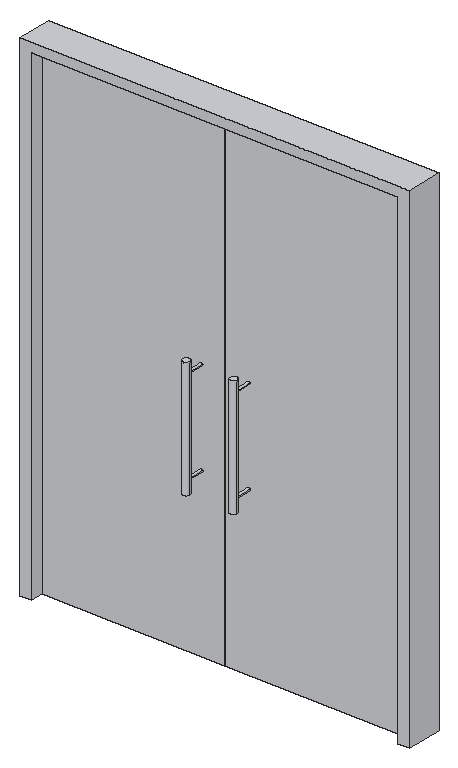
Revit family "Porta pivotante dupla sem revestimento", category Portas, Revit 2019
Family settings
  Hospedeiro = Parede
  Número OmniClass = 23.30.10.00
  Título OmniClass = Doors
  Sempre na vertical = Sim
  Corte com vazios quando carregada = Não
  Compartilhado = Não
  Ponto de cálculo do ambiente = Não
Parameters (values of type "1640 x 2100mm")
  Visual Light Transmittance = 0
  Espessura = 45 mm
  Solar Heat Gain Coefficient = 0
  Rough Width = Width  # 1640 mm
  Rough Height = Height  # 2100 mm
  Largura do painel = (Width - (Largura da estrutura - 10 mm) * 2) / 2 - Largura da moldura média  # 740 mm
  Sub-largura do painel = 120 mm
  Material do painel = none
  ID do tipo de construção = ""
  Coeficiente de transferência de calor (U) = 3.7021 W/(m²·K)
  Material do puxador = none
  Função = Exterior
  Height = 2100 mm
  Fechamento da parede = Por hospedeiro
  Width = 1640 mm
  Largura da estrutura = 50 mm
  Largura da moldura média = Largura da estrutura - 10 mm  # 40 mm
  Material da moldura = none
  Construção analítica = Metal
Types (4, lengths in mm): name | Rough Width | Largura do painel | Width
  (no name) | 1640 | 740 | 1640
  1640 x 2100mm | 1640 | 740 | 1640
  1840 x 2100mm | 1840 | 840 | 1840
  2040 x 2100mm | 2040 | 940 | 2040
Reference planes
  plane 1 "Centro (Frente/Trás)": y = 0
  plane 2 "Centro (Esquerda/Direita)": x = 0
  plane 3 "Esquerda": x = -820
  plane 4 "Direita": x = 820
  plane 5: z = 2100
  plane 6 "Exterior": y = 75
  plane 7 "Interior": y = -75
  plane 8: z = 0
  plane 9: x = 780
  plane 10: y = 75
  plane 11: y = -75
  plane 12: x = 660
  plane 13: z = 1050
  plane 14: y = 22.5
  plane 15: y = -22.5
  plane 16: x = -780
  plane 17: z = 2060
  plane 18: x = -770
  plane 19: x = 770
  plane 20: x = 100
  plane 21: y = -85
  plane 22: y = 85
  plane 23: z = 2080
  plane 24: x = 800
  plane 25: x = -795
  plane 26: z = 900
  plane 27: x = -865
  plane 28: x = -660
  plane 29: x = -100
Forms (mm)
  Extrusion 1, solid, material <- "Material do painel", detail levels medium+fine
    sketch origin (0, 0, 0) x (1, 0, 0) y (0, 1, 0)
      loop
        line (-780, 22.5) -> (-780, -22.5) -> (0, -22.5) -> (0, 22.5) -> (-780, 22.5)
    from 0 to 2060
  Sweep 2, solid, material <- "Material da moldura", detail levels fine
    path origin (0, 75, 0) x (1, 0, 0) y (0, 0, 1)
      loop
        line (-820, 2060) -> (-820, 0)
    profile origin (-820, 75, 1030) x (0, -1, 0) y (1, 0, 0)
      loop
        line (0, 40) -> (0, 0) -> (150, 0) -> (150, 50) -> (97.5, 50) -> (97.5, 40) -> (0, 40)
  Sweep 3, solid, material <- "Material da moldura", detail levels fine
    path origin (0, 75, 0) x (1, 0, 0) y (0, 0, 1)
      loop
        line (820, 0) -> (820, 2060)
    profile origin (820, 75, 1030) x (-1, 0, 0) y (0, -1, 0)
      loop
        line (0, 0) -> (40, 0) -> (40, 97.5) -> (50, 97.5) -> (50, 150) -> (0, 150) -> (0, 0)
  Sweep 4, solid, material <- "Material da moldura", detail levels fine
    path origin (0, 75, 0) x (1, 0, 0) y (0, 0, 1)
      loop
        line (820, 2100) -> (-820, 2100)
    profile origin (0, 75, 2100) x (0, 0, -1) y (0, -1, 0)
      loop
        line (0, 0) -> (40, 0) -> (40, 150) -> (0, 150) -> (0, 0)
  Extrusion 5, solid, material <- "Material do painel", detail levels coarse
    sketch origin (-65.763, 0, 0) x (1, 0, 0) y (0, 1, 0)
      loop
        line (65.763, 22.5) -> (65.763, -22.5) -> (885.763, -22.5) -> (885.763, 22.5) -> (65.763, 22.5)
    from 0 to 2100
  Sweep 6, solid, material <- "Material da moldura", detail levels medium
    path origin (0, 75, 0) x (1, 0, 0) y (0, 0, 1)
      loop
        line (-820, 0) -> (-820, 2100) -> (820, 2100) -> (820, 0)
    profile origin (820, 75, 1050) x (0, -1, 0) y (1, 0, 0)
      loop
        line (0, -40) -> (150, -40) -> (150, 0) -> (0, 0) -> (0, -40)
  Extrusion 7, solid, material <- "Material do painel", detail levels coarse
    sketch origin (65.763, 0, 0) x (-1, 0, 0) y (0, -1, 0)
      loop
        line (65.763, -22.5) -> (885.763, -22.5) -> (885.763, 22.5) -> (65.763, 22.5) -> (65.763, -22.5)
    from 0 to 2100
  Extrusion 8, solid, material <- "Material do painel", detail levels medium+fine
    sketch origin (0, 0, 0) x (-1, 0, 0) y (0, -1, 0)
      loop
        line (-780, -22.5) -> (0, -22.5) -> (0, 22.5) -> (-780, 22.5) -> (-780, -22.5)
    from 0 to 2060
Cuts and joins
  joined: Sweep 2, Sweep 3, Sweep 4
Lines and regions (mm)
  Opening 1
    outline origin (-3050, -75, 0) x (1, 0, 0) y (0, 0, 1)
      loop
        line (2230, 0) -> (3870, 0) -> (3870, 2100) -> (2230, 2100) -> (2230, 0)
  symbolic lines, style "Doors", detail levels medium+fine
    curve 1: circle (660, 0, 0) r 10 normal (0, 0, 1)
    curve 16: circle (-660, 0, 0) r 10 normal (0, 0, -1)
  symbolic lines, style "Giro da elevação", detail levels medium+fine
    curve 2: line (780, 75, 1050) -> (660, 75, 0)
    curve 3: line (780, 75, 1050) -> (660, 75, 2060)
    curve 6: line (660, 75, 2060) -> (0, 75, 1050)
    curve 13: line (-660, 75, 2060) -> (0, 75, 1050)
    curve 14: line (-660, 75, 2060) -> (-780, 75, 1050)
    curve 15: line (-780, 75, 1050) -> (-660, 75, 0)
  symbolic lines, style "Giro da elevação", detail levels coarse
    curve 4: line (660, 75, 0) -> (820, 75, 1050)
    curve 5: line (820, 75, 1050) -> (660, 75, 2100)
    curve 8: line (660, 75, 2100) -> (0, 75, 1050)
    curve 9: line (-660, 75, 2100) -> (0, 75, 1050)
    curve 11: line (-660, 75, 0) -> (-820, 75, 1050)
    curve 12: line (-820, 75, 1050) -> (-660, 75, 2100)
  symbolic lines, style "Giro da elevação"
    curve 7: line (0, 75, 1050) -> (660, 75, 0)
    curve 10: line (0, 75, 1050) -> (-660, 75, 0)
Text (mm)
  text "Externo" at (-2295.016, 1099.543, 0), in view "Nível de referência"
  text "Externo" at (0, 1615.38, 3698.081), in view "Esquerda"
  text "Externo" at (0, 1036.032, 3874.932), in view "Direita"
Dimensions and locks
  equal spacing: plane 3 "Esquerda", plane 2 "Centro (Esquerda/Direita)", plane 4 "Direita"
  "Width": plane 3 "Esquerda" to plane 4 "Direita"
  "Height": plane 5 to host wall
  host wall to plane 5 = 2100 mm  (x2)
  locked: plane 6 "Exterior" to host wall at 0
  locked: plane 7 "Interior" to host wall
  equal spacing: level, plane 13, plane 5
  "Espessura": plane 14 to plane 15
  "Sub-largura do painel": plane 12 to plane 9
  "Largura da moldura média": plane 9 to plane 4 "Direita"
  "Largura da moldura média": plane 3 "Esquerda" to plane 16
  "Largura da moldura média": plane 17 to plane 5
  equal spacing: plane 14, plane 1 "Centro (Frente/Trás)", plane 15
  locked: plane 16 to plane 18 at 10
  plane 19 to plane 9 = 10 mm
  equal spacing: plane 17, plane 23, plane 5
  equal spacing: plane 9, plane 24, plane 4 "Direita"
  equal spacing: plane 18, plane 25, plane 3 "Esquerda"
  locked: plane 11 to plane 21 at 10
  locked: plane 22 to plane 10 at 10
  locked: level to plane 26 at 900
  locked: plane 27 to plane 25 at 70
  locked: plane 2 "Centro (Esquerda/Direita)" to plane 20 at 100
  "Sub-largura do painel": plane 16 to plane 28
  locked: plane 2 "Centro (Esquerda/Direita)" to plane 29 at 100
  aligned and locked: plane 3 "Esquerda" to Opening 1 sketch curve
  aligned and locked: plane 5 to Opening 1 sketch curve  (x2)
  aligned and locked: Opening 1 sketch curve to plane 4 "Direita"
  aligned and locked: Opening 1 sketch curve to level
  aligned and locked: level to plane 8
  aligned and locked: plane 10 to host wall
  aligned and locked: plane 9 to nested 1
  aligned and locked: plane 9 to curve 3
  aligned and locked: plane 13 to curve 3
  aligned and locked: plane 7 "Interior" to plane 11
  aligned and locked: Extrusion 1 sketch curve to plane 14
  aligned and locked: plane 15 to Extrusion 1 sketch curve
  aligned and locked: plane 16 to Extrusion 1 sketch curve
  aligned and locked: plane 1 "Centro (Frente/Trás)" to host wall
  aligned and locked: plane 17 to Sweep 2 sketch curve
  aligned and locked: plane 8 to Sweep 2 sketch curve
  aligned and locked: Sweep 2 sketch curve to plane 6 "Exterior"
  aligned and locked: plane 18 to Sweep 2 sketch curve
  aligned and locked: plane 16 to Sweep 2 sketch curve
  aligned and locked: plane 7 "Interior" to Sweep 2 sketch curve
  aligned and locked: plane 3 "Esquerda" to Sweep 2 sketch curve
  aligned and locked: plane 8 to Sweep 3 sketch curve
  aligned and locked: plane 17 to Sweep 3 sketch curve
  aligned and locked: plane 4 "Direita" to Sweep 3 sketch curve
  aligned and locked: Sweep 3 sketch curve to plane 6 "Exterior"
  aligned and locked: Sweep 3 sketch curve to plane 4 "Direita"
  aligned and locked: plane 7 "Interior" to Sweep 3 sketch curve
  aligned and locked: Sweep 3 sketch curve to plane 19
  aligned and locked: plane 15 to Sweep 3 sketch curve
  aligned and locked: Sweep 3 sketch curve to plane 9
  aligned and locked: plane 4 "Direita" to Sweep 4 sketch curve
  aligned and locked: plane 3 "Esquerda" to Sweep 4 sketch curve
  aligned and locked: plane 5 to Sweep 4 sketch curve  (x2)
  aligned and locked: Sweep 4 sketch curve to plane 7 "Interior"
  aligned and locked: plane 6 "Exterior" to Sweep 4 sketch curve
  aligned and locked: plane 17 to Sweep 4 sketch curve
  aligned and locked: plane 15 to nested 2
  aligned and locked: plane 20 to nested 2
  aligned and locked: plane 26 to nested 2
  aligned and locked: plane 12 to curve 2
  aligned and locked: Extrusion 5 sketch curve to plane 14
  aligned and locked: plane 15 to Extrusion 5 sketch curve
  aligned and locked: plane 4 "Direita" to curve 5
  aligned and locked: plane 4 "Direita" to Sweep 6 sketch curve  (x2)
  aligned and locked: plane 5 to Sweep 6 sketch curve
  aligned and locked: plane 3 "Esquerda" to Sweep 6 sketch curve
  aligned and locked: Sweep 6 sketch curve to plane 10
  aligned and locked: plane 11 to Sweep 6 sketch curve
  aligned and locked: plane 9 to Sweep 6 sketch curve
  aligned and locked: nested 4 to plane 29
  aligned and locked: plane 2 "Centro (Esquerda/Direita)" to curve 7
  aligned and locked: plane 13 to curve 7
  aligned and locked: Extrusion 5 to plane 4 "Direita"
  aligned and locked: Extrusion 5 to plane 2 "Centro (Esquerda/Direita)"
  aligned and locked: plane 2 "Centro (Esquerda/Direita)" to Extrusion 7
  aligned and locked: plane 3 "Esquerda" to Extrusion 7
  aligned and locked: Extrusion 5 to plane 5
  aligned and locked: Extrusion 7 to plane 5
  aligned and locked: Extrusion 5 to plane 8
  aligned and locked: Extrusion 7 to plane 8
  aligned and locked: Extrusion 1 to plane 16
  aligned and locked: plane 2 "Centro (Esquerda/Direita)" to Extrusion 1
  aligned and locked: plane 9 to Extrusion 8
  aligned and locked: Extrusion 8 to plane 2 "Centro (Esquerda/Direita)"
  aligned and locked: plane 17 to Extrusion 8
  aligned and locked: plane 17 to Extrusion 1
  aligned and locked: plane 28 to curve 16
  aligned and locked: plane 1 "Centro (Frente/Trás)" to curve 16
  aligned and locked: nested 3 to plane 28
  aligned and locked: plane 1 "Centro (Frente/Trás)" to nested 3
  aligned and locked: Sweep 2 sketch curve to plane 15
Automatic sketch dimensions
  Sweep 6 sketch curve to level = 0 mm  (x2)
  plane 3 "Esquerda" to curve 12 = 0 mm
  curve 14 to plane 13 = 0 mm
  curve 14 to plane 16 = 0 mm
  curve 12 to plane 5 = 0 mm
  plane 28 to curve 12 = 0 mm
  curve 13 to plane 17 = 0 mm
  plane 28 to curve 13 = 0 mm
  curve 11 to level = 0 mm
  plane 28 to curve 11 = 0 mm
  curve 6 to plane 12 = 0 mm
  curve 5 to plane 5 = 0 mm
  curve 5 to plane 12 = 0 mm
  curve 2 to level = 0 mm
  curve 5 to plane 13 = 0 mm
  curve 12 to plane 13 = 0 mm
  curve 6 to plane 17 = 0 mm
  Extrusion 1 sketch curve to plane 2 "Centro (Esquerda/Direita)" = 0 mm
  plane 3 "Esquerda" to Sweep 2 sketch curve = 0 mm
  Extrusion 5 sketch curve to plane 2 "Centro (Esquerda/Direita)" = 0 mm
  Extrusion 5 sketch curve to plane 4 "Direita" = 0 mm
  Extrusion 7 sketch curve to plane 2 "Centro (Esquerda/Direita)" = 0 mm
  Extrusion 7 sketch curve to plane 3 "Esquerda" = 0 mm
  Extrusion 7 sketch curve to plane 15 = 0 mm
  Extrusion 7 sketch curve to plane 14 = 0 mm
  Extrusion 8 sketch curve to plane 9 = 0 mm
  Extrusion 8 sketch curve to plane 2 "Centro (Esquerda/Direita)" = 0 mm
  Extrusion 8 sketch curve to plane 15 = 0 mm
  Extrusion 8 sketch curve to plane 14 = 0 mm
  host wall to curve 1 = 0 mm
  curve 1 to plane 12 = 0 mm
  radius of curve 1 = 10 mm
  radius of curve 16 = 10 mm
Nested families
  nested 1: "Porta pivotante_Giro da planta 3" at (-280, 0, 0) x (-1, 0, 0) z (0, 0, 1), type "Porta pivotante_Giro da planta 3"
  nested 2: "Maçaneta da porta 4" at (100, 0, 900), type "Altura 500 mm", detail levels fine
  nested 3: "Porta pivotante_Giro da planta 3" at (280, 0, 0), type "Porta pivotante_Giro da planta 3"
  nested 4: "Maçaneta da porta 4" at (-100, 0, 900) x (-1, 0, 0) z (0, 0, 1), type "Altura 500 mm", detail levels fine
Definition of nested family "Maçaneta da porta 4"
  Parameters
    Espessura do painel = 45 mm
    Material do puxador = none
    Raio do puxador = 15 mm
    Altura do puxador = 500 mm
    Profundidade do puxador = 80 mm
    Raio do conector = 5 mm
    Altura do conector = Altura do puxador - 100 mm  # 400 mm
    Assembly Code = ""
  Reference planes
    plane 1 "Centro (Frente/Trás)": y = 0
    plane 2: z = 0
    plane 3 "Centro (Esquerda/Direita)": x = 0
    plane 4: z = 250
    plane 5: y = -102.5
    plane 6: z = -250
    plane 7: z = 200
    plane 8: z = -200
    plane 9: y = -22.5
    plane 10: y = 22.5
    plane 11: y = 102.5
  Forms (mm)
    Extrusion 1, solid, material <- "Material do puxador"
      sketch origin (0, -30.569, 0) x (1, 0, 0) y (0, 1, 0)
        loop
          circle (0, -71.931) r 15
      from -250 to 250
    Extrusion 2, solid, material <- "Material do puxador"
      sketch origin (0, 0, 0) x (1, 0, 0) y (0, 0, 1)
        loop
          circle (0, 200) r 5
        loop
          circle (0, -200) r 5
      from 22.5 to 102.5
    Extrusion 3, solid, material <- "Material do puxador"
      sketch origin (0, 0, 0) x (1, 0, 0) y (0, 0, -1)
        loop
          circle (0, -200) r 5
        loop
          circle (0, 200) r 5
      from 22.5 to 102.5
    Extrusion 4, solid, material <- "Material do puxador"
      sketch origin (0, 30.569, 0) x (1, 0, 0) y (0, 1, 0)
        loop
          circle (0, 71.931) r 15
      from -250 to 250
  Dimensions and locks
    equal spacing: plane 4, plane 2, plane 6
    "Altura do puxador": plane 4 to plane 6
    equal spacing: plane 7, plane 2, plane 8
    "Altura do conector": plane 7 to plane 8
    equal spacing: plane 9, plane 1 "Centro (Frente/Trás)", plane 10
    "Profundidade do puxador": plane 9 to plane 5
    "Profundidade do puxador": plane 10 to plane 11
    "Espessura do painel": plane 9 to plane 10
    "Raio do puxador": radius of Extrusion 1 sketch curve
    "Raio do conector": radius of Extrusion 2 sketch curve  (x2)
    "Raio do conector": radius of Extrusion 3 sketch curve  (x2)
    "Raio do puxador": radius of Extrusion 4 sketch curve
    aligned and locked: plane 6 to Extrusion 1
    aligned and locked: plane 4 to Extrusion 1
    aligned: Extrusion 2 to plane 5
    aligned and locked: Extrusion 2 to plane 5  (x2)
    aligned and locked: plane 9 to Extrusion 2
    aligned and locked: plane 5 to Extrusion 1 sketch curve
    aligned and locked: plane 3 "Centro (Esquerda/Direita)" to Extrusion 1 sketch curve
    aligned and locked: Extrusion 2 to plane 9  (x2)
    aligned and locked: plane 10 to Extrusion 3
    aligned and locked: Extrusion 3 to plane 11
    aligned and locked: plane 11 to Extrusion 4 sketch curve
    aligned and locked: plane 3 "Centro (Esquerda/Direita)" to Extrusion 4 sketch curve
    aligned and locked: plane 4 to Extrusion 4
    aligned and locked: plane 6 to Extrusion 4
  Automatic sketch dimensions
    Extrusion 2 sketch curve to plane 3 "Centro (Esquerda/Direita)" = 0 mm  (x2)
    Extrusion 2 sketch curve to plane 8 = 0 mm
    Extrusion 2 sketch curve to plane 7 = 0 mm
    Extrusion 3 sketch curve to plane 3 "Centro (Esquerda/Direita)" = 0 mm  (x2)
    Extrusion 3 sketch curve to plane 7 = 0 mm
    Extrusion 3 sketch curve to plane 8 = 0 mm
Definition of nested family "Porta pivotante_Giro da planta 3"
  Parameters
    Width = 2000 mm
    Thickness = 45 mm
    Rough Width = 2000 mm
    Rough Height = 2100 mm
    Largura do painel = 740 mm
    Sub-largura do painel = 120 mm
    Largura da moldura média = 40 mm
    Height = 2100 mm
  Reference planes
    plane 1 "Centro (Frente/Trás)": y = 0
    plane 2: z = 0
    plane 3 "Esquerda": x = 0
    plane 4: x = -962.5
    plane 5: x = -917.5
    plane 6: y = 620
    plane 7 "Centro (Esquerda/Direita)": x = -940
    plane 8: z = 2100
    plane 9: y = -120
    plane 10: x = -1060
    plane 11: y = 660
    plane 12: y = -160
    plane 13: x = -1100
    plane 14: x = -167.5
  Lines and regions (mm)
    Masking region 1, detail levels medium+fine
      outline origin (0, 0, 0) x (1, 0, 0) y (0, 1, 0)
        loop
          line (-962.5, 660) -> (-962.5, -120) -> (-917.5, -120) -> (-917.5, 660) -> (-962.5, 660)
    Masking region 2, detail levels coarse
      outline origin (0, 0, 0) x (1, 0, 0) y (0, 1, 0)
        loop
          line (-962.5, -160) -> (-917.5, -160) -> (-917.5, 660) -> (-962.5, 660) -> (-962.5, -160)
    symbolic lines, detail levels medium+fine
      curve 1: line (-962.5, -120, 0) -> (-962.5, 660, 0)
      curve 2: line (-917.5, 660, 0) -> (-917.5, -120, 0)
      curve 3: arc (-1060, 0, 0) -> (-1024.572, -84.687, 0) -> (-939.72, -119.717, 0) r 120.282
      curve 4: line (-967.5, 0, 0) -> (-912.5, 0, 0)
      curve 5: line (-940, 25, 0) -> (-940, -30, 0)
      curve 6: line (-962.5, -120, 0) -> (-917.5, -120, 0)
    model lines, detail levels fine
      curve 7: line (-1060, 0, 2100) -> (-1060, 0, 0)
    symbolic lines, detail levels coarse
      curve 8: line (-962.5, -160, 0) -> (-962.5, 660, 0)
      curve 9: line (-917.5, 660, 0) -> (-917.5, -160, 0)
      curve 10: line (-917.5, -160, 0) -> (-962.5, -160, 0)
      curve 11: arc (-940, -160, 0) -> (-1053.137, -113.137, 0) -> (-1100, 0, 0) r 160
    symbolic lines
      curve 12: arc (-940, 660, 0) -> (-473.31, 466.69, 0) -> (-280, 0, 0) r 660
      curve 13: line (-962.5, 660, 0) -> (-917.5, 660, 0)
  Dimensions and locks
    equal spacing: plane 4, plane 7 "Centro (Esquerda/Direita)", plane 5
    "Height": plane 8 to plane 2
    "Largura do painel": plane 6 to plane 9
    "Sub-largura do painel": plane 9 to plane 1 "Centro (Frente/Trás)"
    "Thickness": plane 4 to plane 5
    "Sub-largura do painel": plane 10 to plane 7 "Centro (Esquerda/Direita)"
    "Largura da moldura média": plane 11 to plane 6
    "Largura da moldura média": plane 9 to plane 12
    "Largura da moldura média": plane 13 to plane 10
    aligned and locked: level to plane 2
    aligned and locked: curve 1 to plane 4
    aligned and locked: curve 1 to curve 1
    aligned and locked: plane 10 to curve 3
    aligned and locked: plane 1 "Centro (Frente/Trás)" to curve 3
    aligned and locked: plane 1 "Centro (Frente/Trás)" to curve 4
    aligned and locked: plane 7 "Centro (Esquerda/Direita)" to curve 5
    aligned and locked: Masking region 1 sketch curve to plane 4
    aligned and locked: plane 9 to Masking region 1 sketch curve
    aligned and locked: Masking region 1 sketch curve to plane 5
    aligned and locked: curve 6 to plane 9
    aligned and locked: plane 8 to curve 7
    aligned and locked: plane 10 to curve 7
    aligned and locked: Masking region 1 to plane 4
    aligned and locked: Masking region 1 to plane 9
    aligned and locked: plane 5 to Masking region 1
    aligned and locked: curve 8 to plane 4
    aligned and locked: curve 9 to plane 5
    aligned and locked: plane 12 to curve 10
    aligned and locked: plane 13 to curve 11
    aligned and locked: plane 1 "Centro (Frente/Trás)" to curve 12
    aligned and locked: plane 7 "Centro (Esquerda/Direita)" to curve 12
    aligned and locked: plane 11 to curve 12
    aligned and locked: plane 12 to curve 11
    aligned and locked: plane 7 "Centro (Esquerda/Direita)" to curve 11
    aligned and locked: plane 1 "Centro (Frente/Trás)" to curve 11
    aligned and locked: Masking region 2 sketch curve to plane 4
    aligned and locked: Masking region 2 sketch curve to plane 12
    aligned and locked: Masking region 2 sketch curve to plane 5
    aligned and locked: Masking region 2 sketch curve to plane 11
    aligned and locked: plane 11 to Masking region 1
    aligned and locked: curve 13 to plane 11
  Automatic sketch dimensions
    curve 7 to level = 0 mm
    Masking region 1 sketch curve to plane 11 = 0 mm
    plane 4 to curve 4 = 5 mm
    curve 3 to plane 7 "Centro (Esquerda/Direita)" = 0.28 mm
    plane 5 to curve 4 = 5 mm
    plane 9 to curve 3 = 0.283 mm
    plane 1 "Centro (Frente/Trás)" to curve 5 = 30 mm
    curve 3 to curve 5 = 24.435 mm
